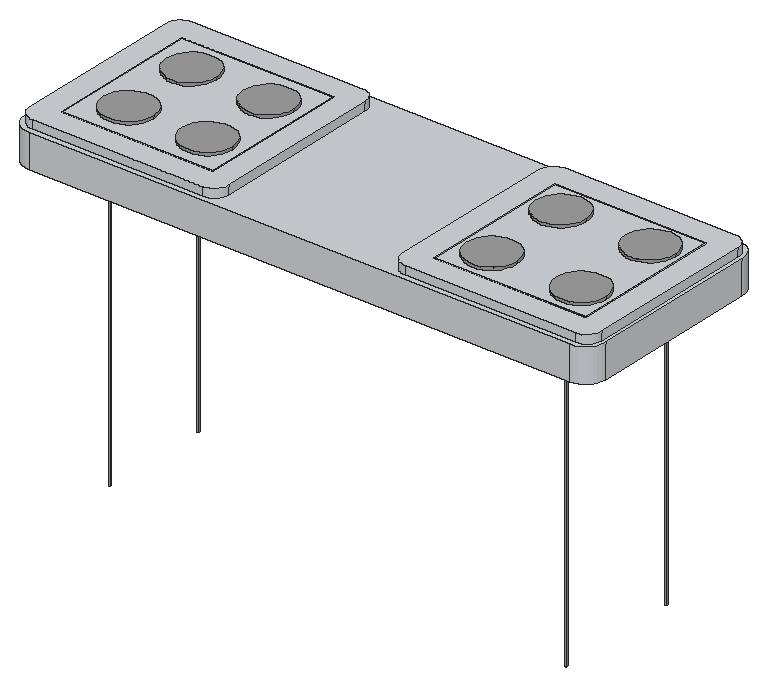
Revit family "Lighting-Industriale-GEWISS-SMART[4]HACCP_APPARECCHI-LED_2M", category Apparecchi per illuminazione, Revit 2019
Family settings
  Quota connettore circolare = Usa diametro
  Tipo di parte = Normale
  Numero OmniClass = 23.80.70.00
  Titolo OmniClass = Lighting
  Basato su piano di lavoro = Sì
  Sempre verticale = No
  Taglio con vuoti quando caricato = No
  Sorgente d'illuminazione = No
  Condiviso = No
  Punto di calcolo locali = No
Parameters (values of type "GWS4220HQ857 - SMART4HB 2M S.A.ON/OFF HACCP ELL.57K")
  Voltaggio = 230 V
  Viti esterne = "Acciaio inox"
  Versione file RFA = "20.11"
  Vano di alimentazione = "Integrato"
  URL = "https://www.gewiss.com/it/it"
  Tolleranza cromatica = "SDCM = 3"
  Tipologia sorgente luminosa = "LED - Non sostituibile"
  Tipo di installazione e montaggio = "Plafone - Parete - Sospensione"
  Tipo di apparecchio = "Riflettore industriale a LED&nbsp;"
  Tensione di alimentazione = "220 - 240 V"
  Temperatura di stoccaggio = "-40 +70 °C"
  Temperatura di esercizio = "-30 +50 °C"
  Temperatura di colore = "5700K"
  Superficie massima esposta al vento : = "0,184 m²"
  Spostamento_y_etichetta [instance] = 0 mm
  Spostamento_y_effettivo_etichetta [instance] = 1500 mm - Spostamento_y_etichetta  # 1500 mm
  Spostamento_x_etichetta [instance] = 0 mm
  Spostamento_X_effettivo_etichetta [instance] = 1500 mm - Spostamento_x_etichetta  # 1500 mm
  SostituibilitÃ  piastra di cablaggio = "Non sostituibile"
  SostituibilitÃ  gruppo ottico = "Non sostituibile"
  Sistema di controllo : = "ON / OFF"
  Sistema di controllo = "ON / OFF"
  Schermo = "PMMA"
  Scheda Tecnica = "https://www.gewiss.com/it/it/search?q=GWS4220HQ857"
  SEO = "High bay"
  Resistenza al filo incandescente = "650 °C"
  Resistenza agli urti = "IK07"
  Produttore = "GEWISS S.p.A."
  Potenza di sistema = "125W"
  Peso (kg): = "6,5"
  Ottica = "Ellittica"
  Offset etichetta W [instance] = 150 mm
  Norma di riferimento = "EN 60598-1 ; EN 60598-2-1 ; EN 60598-2-24"
  Modello = "GWS4220HQ857"
  Materiali = "-"
  Lumen output (lm) = "16000"
  Lampada = "LED"
  Installazione e manutenzione = "-"
  Informazioni generali = "-"
  Indice di resa cromatica = "CRI-80"
  Inclinazione = "Con accessorio staffa"
  Immagine tipo = GWL1311.jpg
  IPEA = "-"
  IFC.TypeObject = ""
  IFC.ExportType = ""
  IFC.ExportAs = ""
  IDT = "2f4286e1b10c42c6bc2a92e840e0f90a"
  IDF = "d06013c2-3bd3-4c85-9af7-b963c25f9889"
  Guarnizioni = "tipo siliconico antinvecchiamento "
  Gruppo ottico = "Riflettore in PC metallizzato e lenti in PMMA"
  Grado di protezione = "IP65"
  Garanzia = "5 anni"
  Gancio di chiusura = "-"
  Frequenza nominale (Hz) = "50/60 Hz"
  Fissaggio = "-"
  Finitura colore = "Grigio RAL 7035"
  Etichetta wattaggio [instance] = yes
  Trasformatore = none
  Struttura plafoniera = none
  Spessore plafoniera = 40 mm  # constant formula
  Default Elevation = 1219.2 mm  # constant formula
  Proiettsmart2_simb [instance] = yes
  Plafoniera bidimensionale [instance] = not(Proiettsmart2_simb)  # no
  Efficienza luminosa (lm/W) = "128"
  Durata di vita = "L90B10 (Tq+25°C) = 70.000 h - L90B10 (Tq+50°C) = 35.000 h"
  Dispositivo di protezione = "DM 6 kV / CM 10 kV"
  Descrizione = "SMART[4]HB 2M S.A.ON/OFF HACCP ELL.57K"
  Creato da GEWISS S.p.A. = ""
  Corpo = "PA6 “Halogen Free” caricato fibra vetro"
  Controllo abbagliamento e luminanza = "-"
  Contesto = "Illuminazione di logistiche e locali produttivi industriali di tipo alimentari"
  Commenti sul wattaggio = "97W"
  Colore = "Grigio RAL 7035"
  Codice digitale univoco (Datamatrix) = "Datamatrix"
  Codice Electrocod = "2444"
  Classificazione: = "-"
  Classificazione = Lighting
  Classe isolamento = "I"
  Classe fotobiologica = "RG0"
  Certificazioni e classificazioni = "-"
  Certificazione DIN 18032-3 = "-"
  Catalogo = "LIGHTING"
  Carico apparente = 97 VA
  Motore = none
  Mascherina = none
  Lunghezza = 699 mm  # constant formula
  Larghezza = 254 mm  # constant formula
  Distanza_tot_plafoniera [instance] = 350 mm
  Dist_sorg_lum = 10 mm  # constant formula
  Caratteristiche ottiche e illuminotecniche = "-"
  Caratteristiche elettriche e gestione della luce = "-"
  Cablaggio = "Con connettore stagno Gw connect"
  COBie.Tagnumber = ""
  COBie.CreatedOn = ""
  COBie.CreatebBy = ""
  COBie.ComponentRegisterItemID = ""
  COBie.Component.TagNumber = ""
  COBie.Component.Space = ""
  COBie.Component.SerialNumber = ""
  COBie.Component.InstallationDate = ""
  COBie.Component.Description = ""
  COBie.Component.BarCode = ""
  Applicazione = "Interno"
  Apparecchio a ridotta temperatura superficiale = "Si"
  Alimentatore = "Incluso"
Types (12, lengths in mm): name | Temperatura di colore | Scheda Tecnica | SEO | Ottica | Modello | Lumen output (lm) | IDT | Gruppo ottico | Efficienza luminosa (lm/W) | Descrizione | Controllo abbagliamento e luminanza
  GWS4220HA840 - SMART4HB 2M S.A.ON/OFF HACCP ARR.40K | "4000K" | "https://www.gewiss.com/it/it/search?q=GWS4220HA840" | "" | "Array" | "GWS4220HA840" | "18000" | "005aa81080e645dcbe8c45a4b8eb1658" | "Riflettore in PC metallizzato" | "144" | "SMART[4]HB 2M S.A.ON/OFF HACCP ARR.40K" | "-"
  GWS4220HA857 - SMART4HB 2M S.A.ON/OFF HACCP ARR.57K | "5700K" | "https://www.gewiss.com/it/it/search?q=GWS4220HA857" | "" | "Array" | "GWS4220HA857" | "18000" | "68ba2788051746b5bb0d6403cd5fc9cf" | "Riflettore in PC metallizzato" | "144" | "SMART[4]HB 2M S.A.ON/OFF HACCP ARR.57K" | "-"
  GWS4220HC840 - SMART4HB 2M S.A.ON/OFF HACCP ASI.40K | "4000K" | "https://www.gewiss.com/it/it/search?q=GWS4220HC840" | "High bay" | "Asimmetrica" | "GWS4220HC840" | "16000" | "ed56e186813e43c79359abac3b89cad1" | "Riflettore in PC metallizzato e lenti in PMMA" | "128" | "SMART[4]HB 2M S.A.ON/OFF HACCP ASI.40K" | "-"
  GWS4220HC857 - SMART4HB 2M S.A.ON/OFF HACCP ASI.57K | "5700K" | "https://www.gewiss.com/it/it/search?q=GWS4220HC857" | "High bay" | "Asimmetrica" | "GWS4220HC857" | "16000" | "d685af11e64c464aa49e99c11128d54b" | "Riflettore in PC metallizzato e lenti in PMMA" | "128" | "SMART[4]HB 2M S.A.ON/OFF HACCP ASI.57K" | "-"
  GWS4220HF840 - SMART4HB 2M S.A.ON/OFF HACCP 30° 40K | "4000K" | "https://www.gewiss.com/it/it/search?q=GWS4220HF840" | "" | "30°" | "GWS4220HF840" | "17600" | "e56de89c465249138dd535945fd09471" | "Riflettore in PC metallizzato e lenti in PMMA" | "141" | "SMART[4]HB 2M S.A.ON/OFF HACCP 30° 40K" | "UGR - 19"
  GWS4220HF857 - SMART4HB 2M S.A.ON/OFF HACCP 30° 57K | "5700K" | "https://www.gewiss.com/it/it/search?q=GWS4220HF857" | "" | "30°" | "GWS4220HF857" | "17600" | "b9c3d63d3e064d069cb44c6ebb707409" | "Riflettore in PC metallizzato e lenti in PMMA" | "141" | "SMART[4]HB 2M S.A.ON/OFF HACCP 30° 57K" | "UGR - 19"
  GWS4220HH840 - SMART4HB 2M S.A.ON/OFF HACCP 60° 40K | "4000K" | "https://www.gewiss.com/it/it/search?q=GWS4220HH840" | "" | "60°" | "GWS4220HH840" | "17700" | "67409da150494cbea0eb3fd873c307a9" | "Riflettore in PC metallizzato e lenti in PMMA" | "142" | "SMART[4]HB 2M S.A.ON/OFF HACCP 60° 40K" | "UGR - 22"
  GWS4220HH857 - SMART4HB 2M S.A.ON/OFF HACCP 60° 57K | "5700K" | "https://www.gewiss.com/it/it/search?q=GWS4220HH857" | "" | "60°" | "GWS4220HH857" | "17700" | "c317314a67c840a689ca92e2aa342edf" | "Riflettore in PC metallizzato e lenti in PMMA" | "142" | "SMART[4]HB 2M S.A.ON/OFF HACCP 60° 57K" | "UGR - 22"
  GWS4220HP840 - SMART4HB 2M S.A.ON/OFF HACCP 90° 40K | "4000K" | "https://www.gewiss.com/it/it/search?q=GWS4220HP840" | "" | "90°" | "GWS4220HP840" | "18000" | "a3fd4e9011b6466ea9d6dafb6dc38d92" | "Riflettore in PC metallizzato e lenti in PMMA" | "144" | "SMART[4]HB 2M S.A.ON/OFF HACCP 90° 40K" | "UGR - 25"
  GWS4220HP857 - SMART4HB 2M S.A.ON/OFF HACCP 90° 57K | "5700K" | "https://www.gewiss.com/it/it/search?q=GWS4220HP857" | "" | "90°" | "GWS4220HP857" | "18000" | "d8cde787fcf2416493d03e722680bcd1" | "Riflettore in PC metallizzato e lenti in PMMA" | "144" | "SMART[4]HB 2M S.A.ON/OFF HACCP 90° 57K" | "UGR - 25"
  GWS4220HQ840 - SMART4HB 2M S.A.ON/OFF HACCP ELL.40K | "4000K" | "https://www.gewiss.com/it/it/search?q=GWS4220HQ840" | "High bay" | "Ellittica" | "GWS4220HQ840" | "16000" | "f2d2cdb31f6147f6a6f39ef69db7f800" | "Riflettore in PC metallizzato e lenti in PMMA" | "128" | "SMART[4]HB 2M S.A.ON/OFF HACCP ELL.40K" | "-"
  GWS4220HQ857 - SMART4HB 2M S.A.ON/OFF HACCP ELL.57K | "5700K" | "https://www.gewiss.com/it/it/search?q=GWS4220HQ857" | "High bay" | "Ellittica" | "GWS4220HQ857" | "16000" | "2f4286e1b10c42c6bc2a92e840e0f90a" | "Riflettore in PC metallizzato e lenti in PMMA" | "128" | "SMART[4]HB 2M S.A.ON/OFF HACCP ELL.57K" | "-"
Reference planes
  plane 1 "Asse sorgente illuminazione (F/B)": y = 0
  plane 2: z = 0
  plane 3 "Asse sorgente illuminazione (L/R)": x = 0
  plane 4 "Prospetto sorgente di illuminazione": z = 1500
  plane 5: x = -349.5
  plane 6: y = 127
  plane 7: x = 349.5
  plane 8: y = -127
  plane 9: x = 344.5
  plane 10: x = -344.5
  plane 11: x = -104.5
  plane 12: x = 104.5
  plane 13: y = -1500
  plane 14: z = 390
  plane 15: z = 390
  plane 16: z = 400
  plane 17: z = 350
  plane 18: y = 0
  plane 19: x = -1500
  plane 20: x = 0
Dimensions and locks
  equal spacing: plane 6, plane 1 "Asse sorgente illuminazione (F/B)", plane 8
  "Larghezza": plane 6 to plane 8
  equal spacing: plane 5, plane 3 "Asse sorgente illuminazione (L/R)", plane 7
  "Lunghezza": plane 5 to plane 7
  locked: plane 5 to plane 10 at 5
  locked: plane 9 to plane 7 at 5
  locked: plane 16 to plane 14 at 10
  locked: plane 15 to plane 17 at 40
  "Distanza_tot_plafoniera": plane 17 to plane 2
  plane 1 "Asse sorgente illuminazione (F/B)" to plane 13 = 1500 mm
  "Spostamento_y_effettivo_etichetta": plane 18 to plane 13
  plane 19 to plane 3 "Asse sorgente illuminazione (L/R)" = 1500 mm
  "Spostamento_X_effettivo_etichetta": plane 19 to plane 20
  aligned and locked: level to plane 2
  aligned and locked: nested 15 to plane 14
  aligned and locked: plane 14 to nested 16
  aligned and locked: plane 16 to nested 8
  aligned and locked: nested 6 to plane 16
  aligned and locked: plane 16 to nested 7
  aligned and locked: nested 5 to plane 16
  aligned and locked: nested 3 to plane 16
  aligned and locked: plane 16 to nested 1
  aligned and locked: nested 4 to plane 16
  aligned and locked: plane 16 to nested 2
  aligned and locked: nested 11 to plane 2  (x2)
  aligned and locked: nested 10 to plane 2
  aligned and locked: nested 9 to plane 2
  aligned and locked: plane 14 to plane 15
  aligned and locked: plane 17 to nested 14
  aligned and locked: nested 17 to plane 18
  aligned and locked: nested 17 to plane 20
  aligned and locked: plane 2 to nested 18
  aligned and locked: plane 2 to nested 11
Nested families
  nested 1: "Gewis - Led" at (171.717, 52, 403), type "Gewis - Led", detail levels medium+fine
  nested 2: "Gewis - Led" at (279.5, 52, 403), type "Gewis - Led", detail levels medium+fine
  nested 3: "Gewis - Led" at (171.717, -52, 403), type "Gewis - Led", detail levels medium+fine
  nested 4: "Gewis - Led" at (279.5, -52, 403), type "Gewis - Led", detail levels medium+fine
  nested 5: "Gewis - Led" at (-174.5, 45, 403) x (-1, 0, 0) z (0, 0, 1), type "Gewis - Led", detail levels medium+fine
  nested 6: "Gewis - Led" at (-269.5, 47.625, 403) x (-1, 0, 0) z (0, 0, 1), type "Gewis - Led", detail levels medium+fine
  nested 7: "Gewis - Led" at (-174.5, -47.089, 403) x (-1, 0, 0) z (0, 0, 1), type "Gewis - Led", detail levels medium+fine
  nested 8: "Gewis - Led" at (-269.5, -47.089, 403) x (-1, 0, 0) z (0, 0, 1), type "Gewis - Led", detail levels medium+fine
  nested 9: "Sospensione_ SMART LAB 4" at (274.838, 81.5, 0), Altezza sospensione <- "Distanza_tot_plafoniera", type "Sospensione_ SMART LAB 4"
    with Altezza sospensione 350 mm, Default Elevation 350 mm
  nested 10: "Sospensione_ SMART LAB 4" at (274.838, -69, 0), Altezza sospensione <- "Distanza_tot_plafoniera", type "Sospensione_ SMART LAB 4"
    with Altezza sospensione 350 mm, Default Elevation 350 mm
  nested 11: "Sospensione_ SMART LAB 4" at (-276.662, -66.5, 0), Altezza sospensione <- "Distanza_tot_plafoniera", type "Sospensione_ SMART LAB 4"
    with Altezza sospensione 350 mm, Default Elevation 350 mm
  nested 12: "PROIETTSMART - 2" at (0, 0, 0), visible <- "Proiettsmart2_simb", type "PROIETTSMART - 2"
  nested 13: "Rappr_ bidimensionale_SMART (4)  4 + 4 L " at (0, 0, 0), visible <- "Plafoniera bidimensionale", type "SMART (4)  4 + 4 L_bidimensionale "
  nested 14: "Struttura_SMART 4" at (0, 0, 390), type "SMART 4 HB - 4+4L"
  nested 15: "mascherina_SMART (4)" at (-224.5, 0, 400) x (-1, 0, 0) z (0, 0, 1), type "Maschera_smart (4) 4L", detail levels fine
  nested 16: "mascherina_SMART (4)" at (224.5, 0, 400), type "Maschera_smart (4) 4L", detail levels fine
  nested 17: "ETICHETTA LIGHT" at (0, 0, 0), type "ETICHETTA LIGHT"
  nested 18: "Sospensione_ SMART LAB 4" at (-276.662, 66.5, 0), Altezza sospensione <- "Distanza_tot_plafoniera", type "Sospensione_ SMART LAB 4"
    with Altezza sospensione 350 mm, Default Elevation 350 mm
Connectors
  electrical at (0.009, -0.098, 350), driven by "Carico apparente"
    settings: on nested 14, index 1, voltage 230 V, apparent load 0 VA, apparent load phase1 97 VA, apparent load phase2 0 VA, apparent load phase3 0 VA, power factor 1, load classification "Lighting", number of poles 2, system type 31, power factor state 1, is connector primary yes, connector utility no, sub classification motor no, connector description ""
Definition of nested family "Gewis - Led"
  Parameters (values of type "Gewis - Led")
    Vetro = none
    Raggio led = 30 mm
    Default Elevation = 1219.2 mm
    Estensione vetro = 3 mm
  Reference planes
    plane 1 "Centro (Fronte/Retro)": y = 0
    plane 2: z = 0
    plane 3 "Centro (Sinistra/Destra)": x = 0
  Forms (mm)
    Extrusion 1, solid, material <- "Vetro"
      sketch origin (0, 0, 0) x (1, 0, 0) y (0, 1, 0)
        loop
          circle (0, 0) r 30
      from -3 to 0
  Dimensions and locks
    "Estensione vetro": level to Extrusion 1
    "Raggio led": radius of Extrusion 1 sketch curve
    aligned and locked: level to plane 2
    aligned and locked: level to Extrusion 1
  Automatic sketch dimensions
    plane 1 "Centro (Fronte/Retro)" to Extrusion 1 sketch curve = 0 mm
    Extrusion 1 sketch curve to plane 3 "Centro (Sinistra/Destra)" = 0 mm
Definition of nested family "Sospensione_ SMART LAB 4"
  Parameters (values of type "Sospensione_ SMART LAB 4")
    Default Elevation = 400 mm
    Altezza sospensione [instance] = 500 mm
  Reference planes
    plane 1 "Center (Front/Back)": y = 0
    plane 2: z = 0
    plane 3 "Center (Left/Right)": x = 0
    plane 4: z = 500
    plane 5: z = 30.7
  Forms (mm)
    Extrusion 1, solid
      sketch origin (0, 0, 0) x (1, 0, 0) y (0, 1, 0)
        loop
          circle (0, -0.028) r 1.25
      from 0 to 500
  Lines and regions (mm)
    model lines, not visible
      curve 1: line (0, 0, 0) -> (0, 0, 9.482)
  Dimensions and locks
    "Altezza sospensione": plane 4 to level
    plane 2 to plane 4 = 500 mm
    aligned and locked: level to plane 2
    aligned and locked: Extrusion 1 to plane 2
    aligned and locked: plane 4 to Extrusion 1
  Automatic sketch dimensions
    Extrusion 1 sketch curve to plane 3 "Center (Left/Right)" = 0 mm
    plane 1 "Center (Front/Back)" to Extrusion 1 sketch curve = 0.028 mm
    curve 1 to plane 3 "Center (Left/Right)" = 0 mm
    curve 1 to level = 0 mm
    curve 1 to curve 1 = 9.482 mm
    radius of Extrusion 1 sketch curve = 1.25 mm
Definition of nested family "Struttura_SMART 4"
  Parameters (values of type "SMART 4 HB - 4+4L")
    Struttura plafoniera = none
    Spessore_plafoniera = 40 mm
    Lunghezza = 699 mm
    Larghezza = 254 mm
  Types (2, lengths in mm): name | Lunghezza | Larghezza
    SMART Lab (4) 4L | 383 | 253
    SMART 4 HB - 4+4L | 699 | 254
  Reference planes
    plane 1 "Asse sorgente illuminazione (F/B)": y = 0
    plane 2: z = 0
    plane 3 "Asse sorgente illuminazione (L/R)": x = 0
    plane 4 "Prospetto sorgente di illuminazione": z = -40
    plane 5 "SX": x = -349.5
    plane 6 "DX": x = 349.5
    plane 7 "DIETRO": y = 127
    plane 8 "AVANTI": y = -127
    plane 9: x = 106.5
    plane 10: x = 338.5
    plane 11: y = -116
    plane 12: y = 116
    plane 13: x = -338.5
    plane 14: x = -106.5
  Forms (mm)
    Extrusion 1, solid, material <- "Struttura plafoniera"
      sketch origin (0, 0, 0) x (1, 0, 0) y (0, 1, 0)
        loop
          line (349.5, -102.595) -> (349.5, 102.59)
          arc (349.5, 102.59) -> (342.35, 119.85) -> (325.09, 127) r 24.41
          line (325.09, 127) -> (-325.009, 127)
          arc (-325.009, 127) -> (-342.554, 119.6) -> (-349.5, 101.871) r 24.499
          line (-349.5, 101.871) -> (-349.5, -102.592)
          arc (-349.5, -102.592) -> (-342.351, -119.851) -> (-325.092, -127) r 24.408
          line (-325.092, -127) -> (325.117, -127)
          arc (325.117, -127) -> (342.334, -119.868) -> (349.465, -102.652) r 24.348
      from -40 to 0
  Dimensions and locks
    equal spacing: plane 5 "SX", plane 3 "Asse sorgente illuminazione (L/R)", plane 6 "DX"
    equal spacing: plane 7 "DIETRO", plane 1 "Asse sorgente illuminazione (F/B)", plane 8 "AVANTI"
    "Lunghezza": plane 5 "SX" to plane 6 "DX"
    "Larghezza": plane 7 "DIETRO" to plane 8 "AVANTI"
    locked: plane 7 "DIETRO" to plane 12 at 11
    locked: plane 11 to plane 8 "AVANTI" at 11
    locked: plane 10 to plane 6 "DX" at 11
    locked: plane 9 to plane 10 at 232
    plane 13 to plane 14 = 232 mm
    locked: plane 5 "SX" to plane 13 at 11
    "Spessore_plafoniera": plane 2 to plane 4 "Prospetto sorgente di illuminazione"
    aligned and locked: level to plane 2
    aligned and locked: Extrusion 1 to plane 5 "SX"
    aligned and locked: Extrusion 1 to plane 8 "AVANTI"  (x2)
    aligned and locked: plane 7 "DIETRO" to Extrusion 1
    aligned and locked: plane 6 "DX" to Extrusion 1
    aligned and locked: plane 4 "Prospetto sorgente di illuminazione" to Extrusion 1
    aligned and locked: plane 2 to Extrusion 1
  Automatic sketch dimensions
    Extrusion 1 sketch curve to plane 5 "SX" = 0 mm
    Extrusion 1 sketch curve to plane 8 "AVANTI" = 0 mm
    Extrusion 1 sketch curve to plane 7 "DIETRO" = 0 mm
    Extrusion 1 sketch curve to plane 6 "DX" = 0 mm
    plane 13 to Extrusion 1 sketch curve = 13.408 mm
    plane 13 to Extrusion 1 sketch curve = 13.491 mm
    Extrusion 1 sketch curve to plane 10 = 13.41 mm
    Extrusion 1 sketch curve to plane 10 = 13.383 mm
    plane 11 to Extrusion 1 sketch curve = 13.348 mm
    Extrusion 1 sketch curve to plane 12 = 14.129 mm
    Extrusion 1 sketch curve to Extrusion 1 sketch curve = 0.056 mm
Definition of nested family "mascherina_SMART (4)"
  Parameters (values of type "Maschera_smart (4) 4L")
    Spessore_mascherina = 10 mm
    Default Elevation = 1219.2 mm
    N.intarsi = (Lunghezza_mascherina - (Bordo * 2)) / 15 mm  # 12
    N._intarsi verticale = (Larghezza_mascherina - (Bordo * 2)) / 17 mm  # 11
    Mascherina = none
    Lunghezza_mascherina = 240 mm
    Larghezza_mascherina = 240 mm
    Distanza_intarsi v. = 41 mm  # constant formula
    Distanza_intarsi = 37 mm  # constant formula
    Bordo = 29 mm
  Reference planes
    plane 1 "Centro (Fronte/Retro)": y = 0
    plane 2: z = 0
    plane 3 "Centro (Sinistra/Destra)": x = 0
    plane 4: x = -120
    plane 5 "Dietro": y = 120
    plane 6: x = 120
    plane 7: y = -120
    plane 8: x = -91
    plane 9: y = -91
    plane 10: x = 91
    plane 11: y = 91
    plane 12: x = -83
    plane 13: y = 94.742
    plane 14: y = -95
    plane 15: z = -10
    plane 16: x = -95
    plane 17: y = 79
    plane 18: y = -79
    plane 19: x = 95
    plane 20: z = -4.799
  Forms (mm)
    Extrusion 1, solid, material <- "Mascherina"
      sketch origin (0, 0, 0) x (1, 0, 0) y (0, 1, 0)
        loop
          arc (-102.5, 120) -> (-114.874, 114.874) -> (-120, 102.5) r 17.5
          line (-120, 102.5) -> (-120, -102.5)
          arc (-120, -102.5) -> (-114.874, -114.874) -> (-102.5, -120) r 17.5
          line (-102.5, -120) -> (102.5, -120)
          arc (102.5, -120) -> (114.874, -114.874) -> (120, -102.5) r 17.5
          line (120, -102.5) -> (120, 102.5)
          arc (120, 102.5) -> (114.874, 114.874) -> (102.5, 120) r 17.5
          line (102.5, 120) -> (-102.5, 120)
        loop
          line (-91, 91) -> (-91, -91) -> (91, -91) -> (91, 91) -> (-91, 91)
      from -10 to 0
    Extrusion 2, solid, material <- "Mascherina"
      sketch origin (0, 0, 0) x (1, 0, 0) y (0, 1, 0)
        loop
          line (-91, 91) -> (-91, -91) -> (91, -91) -> (91, 91) -> (-91, 91)
      from -4.799 to 0
  Dimensions and locks
    equal spacing: plane 4, plane 3 "Centro (Sinistra/Destra)", plane 6
    "Lunghezza_mascherina": plane 4 to plane 6
    equal spacing: plane 5 "Dietro", plane 1 "Centro (Fronte/Retro)", plane 7
    "Larghezza_mascherina": plane 5 "Dietro" to plane 7
    "Bordo": plane 4 to plane 8
    "Bordo": plane 9 to plane 7
    "Bordo": plane 5 "Dietro" to plane 11
    "Bordo": plane 10 to plane 6
    "Distanza_intarsi": plane 4 to plane 12
    locked: plane 13 to plane 11 at 3.742
    "Spessore_mascherina": plane 2 to plane 15
    "Distanza_intarsi v.": plane 5 "Dietro" to plane 17
    "Distanza_intarsi v.": plane 18 to plane 7
    locked: plane 9 to plane 14 at 4
    locked: plane 16 to plane 8 at 4
    locked: plane 10 to plane 19 at 4
    locked: plane 2 to plane 20 at 4.799
    radius of Extrusion 1 sketch curve = 17.5 mm  (x4)
    aligned and locked: level to plane 2
    aligned and locked: plane 4 to Extrusion 1 sketch curve
    aligned and locked: plane 6 to Extrusion 1 sketch curve
    aligned and locked: Extrusion 1 sketch curve to plane 5 "Dietro"
    aligned and locked: Extrusion 1 sketch curve to plane 7
    aligned and locked: Extrusion 1 sketch curve to plane 11
    aligned and locked: plane 8 to Extrusion 1 sketch curve
    aligned and locked: plane 9 to Extrusion 1 sketch curve
    aligned and locked: Extrusion 1 sketch curve to plane 10
    aligned and locked: plane 2 to Extrusion 1
    aligned and locked: Extrusion 1 to plane 15
    aligned and locked: Extrusion 2 sketch curve to plane 10
    aligned and locked: plane 9 to Extrusion 2 sketch curve
    aligned and locked: plane 8 to Extrusion 2 sketch curve
    aligned and locked: Extrusion 2 sketch curve to plane 11
    aligned and locked: plane 2 to Extrusion 2
    aligned and locked: Extrusion 2 to plane 20
Definition of nested family "PROIETTSMART - 2"
  Reference planes
    plane 1 "Centro (Fronte/Retro)": y = 0
    plane 2: z = 0
    plane 3 "Centro (Sinistra/Destra)": x = 0
  Lines and regions (mm)
    model lines, in view "Livello rif."
      curve 1: line (87.132, -21.515, 0) -> (43.932, -0.008, 0)
      curve 2: line (43.932, -0.008, 0) -> (87.132, 21.758, 0)
      curve 3: line (87.132, 21.758, 0) -> (87.132, -21.515, 0)
      curve 4: line (43.932, 21.629, 0) -> (43.932, -21.645, 0)
      curve 5: line (43.932, -0.008, 0) -> (18.672, -0.008, 0)
      curve 6: line (87.132, 0.122, 0) -> (105.785, 0.122, 0)
      curve 7: line (128.701, 66.747, 0) -> (128.701, -66.747, 0)
      curve 8: line (128.701, -66.747, 0) -> (-131.299, -66.747, 0)
      curve 9: line (-131.299, -66.747, 0) -> (-131.299, 66.747, 0)
      curve 10: line (-131.299, 66.747, 0) -> (128.701, 66.747, 0)
      curve 11: line (12.311, 49.667, 0) -> (111.66, 49.667, 0)
      curve 12: line (111.66, 49.667, 0) -> (111.66, -49.683, 0)
      curve 13: line (111.66, -49.683, 0) -> (12.311, -49.683, 0)
      curve 14: line (12.311, -49.683, 0) -> (12.311, 49.667, 0)
      curve 15: line (-39.438, -21.515, 0) -> (-82.637, -0.008, 0)
      curve 16: line (-82.637, -0.008, 0) -> (-39.438, 21.758, 0)
      curve 17: line (-39.438, 21.758, 0) -> (-39.438, -21.515, 0)
      curve 18: line (-82.637, 21.629, 0) -> (-82.637, -21.645, 0)
      curve 19: line (-82.637, -0.008, 0) -> (-107.898, -0.008, 0)
      curve 20: line (-39.438, 0.122, 0) -> (-20.785, 0.122, 0)
      curve 21: line (-114.259, 49.667, 0) -> (-14.909, 49.667, 0)
      curve 22: line (-14.909, 49.667, 0) -> (-14.909, -49.683, 0)
      curve 23: line (-14.909, -49.683, 0) -> (-114.259, -49.683, 0)
      curve 24: line (-114.259, -49.683, 0) -> (-114.259, 49.667, 0)
Definition of nested family "Rappr_ bidimensionale_SMART (4)  4 + 4 L "
  Reference planes
    plane 1 "Centro (Fronte/Retro)": y = 0
    plane 2: z = 0
    plane 3 "Centro (Sinistra/Destra)": x = 0
  Lines and regions (mm)
    model lines, in view "Livello rif."
      curve 1: circle (175.602, 47.039, 0) r 28.619 normal (0, 0, 1)
      curve 2: circle (269.602, -46.961, 0) r 28.619 normal (0, 0, 1)
      curve 3: circle (175.602, -46.961, 0) r 28.619 normal (0, 0, 1)
      curve 4: circle (269.602, 47.039, 0) r 28.619 normal (0, 0, 1)
      curve 5: arc (103.203, -104.051, 0) -> (107.722, -114.924, 0) -> (118.601, -119.425, 0) r 15.398
      curve 6: arc (-118.547, -119.425, 0) -> (-107.659, -114.915, 0) -> (-103.149, -104.027, 0) r 15.398
      curve 7: arc (-103.149, 103.973, 0) -> (-107.668, 114.87, 0) -> (-118.571, 119.371, 0) r 15.398
      curve 8: arc (-326.571, 119.371, 0) -> (-337.453, 114.844, 0) -> (-341.945, 103.948, 0) r 15.398
      curve 9: arc (-341.945, -104.002, 0) -> (-337.444, -114.906, 0) -> (-326.547, -119.425, 0) r 15.398
      curve 10: arc (326.601, -119.425, 0) -> (337.498, -114.906, 0) -> (342, -104.002, 0) r 15.398
      curve 11: arc (342, 103.998, 0) -> (337.472, 114.878, 0) -> (326.577, 119.371, 0) r 15.398
      curve 12: arc (118.577, 119.371, 0) -> (107.713, 114.861, 0) -> (103.203, 103.997, 0) r 15.398
      curve 13: arc (-349.401, -104, 0) -> (-342.727, -120.168, 0) -> (-326.575, -126.881, 0) r 22.854
      curve 14: arc (-326.574, 126.827, 0) -> (-342.707, 120.133, 0) -> (-349.401, 104, 0) r 22.854
      curve 15: arc (349.455, 104, 0) -> (342.742, 120.152, 0) -> (326.574, 126.827, 0) r 22.854
      curve 16: arc (326.573, -126.881, 0) -> (342.761, -120.187, 0) -> (349.455, -104, 0) r 22.854
      curve 17: circle (-175.548, -47.093, 0) r 28.619 normal (0, 0, 1)
      curve 18: circle (-269.548, 46.907, 0) r 28.619 normal (0, 0, 1)
      curve 19: circle (-175.548, 46.907, 0) r 28.619 normal (0, 0, 1)
      curve 20: circle (-269.548, -47.093, 0) r 28.619 normal (0, 0, 1)
      curve 21: line (130.101, -92.527, 0) -> (130.101, 92.473, 0)
      curve 22: line (130.101, 92.473, 0) -> (315.101, 92.473, 0)
      curve 23: line (315.101, 92.473, 0) -> (315.101, -92.527, 0)
      curve 24: line (315.101, -92.527, 0) -> (130.101, -92.527, 0)
      curve 25: line (103.203, -104.051, 0) -> (103.203, 103.997, 0)
      curve 26: line (118.601, -119.425, 0) -> (326.601, -119.425, 0)
      curve 27: line (-326.547, -119.425, 0) -> (-118.547, -119.425, 0)
      curve 28: line (-103.149, -104.027, 0) -> (-103.149, 103.973, 0)
      curve 29: line (-326.571, 119.371, 0) -> (-118.571, 119.371, 0)
      curve 30: line (-341.945, -104.002, 0) -> (-341.945, 103.948, 0)
      curve 31: line (342, -104.002, 0) -> (342, 103.998, 0)
      curve 32: line (118.577, 119.371, 0) -> (326.577, 119.371, 0)
      curve 33: line (-349.401, -104, 0) -> (-349.401, 104, 0)
      curve 34: line (326.574, 126.827, 0) -> (-326.574, 126.827, 0)
      curve 35: line (349.455, -104, 0) -> (349.455, 104, 0)
      curve 36: line (326.573, -126.881, 0) -> (-326.575, -126.881, 0)
      curve 37: line (-130.047, -92.527, 0) -> (-315.047, -92.527, 0)
      curve 38: line (-315.047, -92.527, 0) -> (-315.047, 92.473, 0)
      curve 39: line (-315.047, 92.473, 0) -> (-130.047, 92.473, 0)
      curve 40: line (-130.047, 92.473, 0) -> (-130.047, -92.527, 0)
Definition of nested family "ETICHETTA LIGHT"
  Parameters (values of type "ETICHETTA LIGHT")
    COMMENTI = "236W"
  Reference planes
    plane 1: y = 0
    plane 2: x = 0
  Text (mm)
    label "COMMENTI" at (-0.057, 0.105, 0), shows "COMMENTI"
